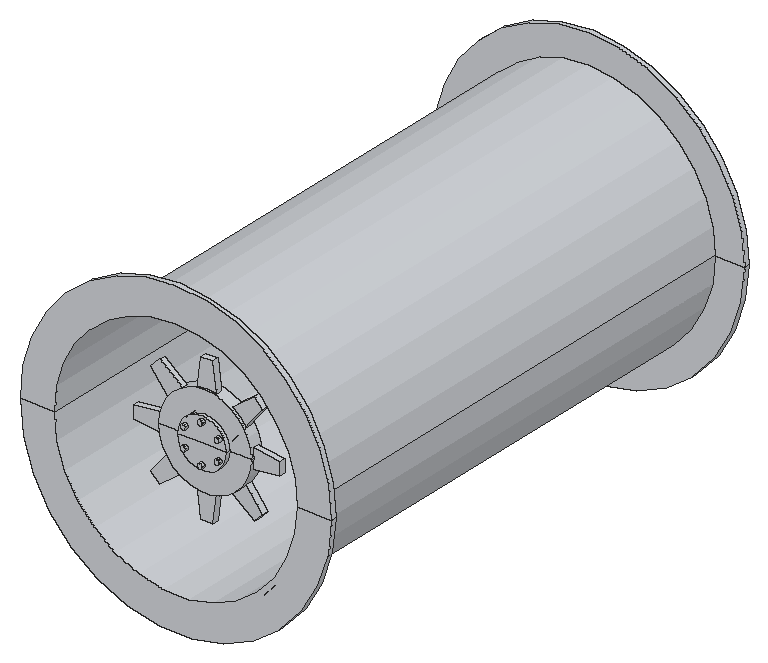
Revit family "CADS_Vent-Axia_MechEquip_Fan_BIFA_250_3Ph2P - EXTRACT", category Mechanical Equipment, Revit 2020
Family settings
  Round Connector Dimension = Use Diameter
  Part Type = Normal
  OmniClass Number = 23.75.00.00
  OmniClass Title = Climate Control (HVAC)
  Work Plane-Based = No
  Always vertical = Yes
  Cut with Voids When Loaded = No
  Shared = No
  Room Calculation Point = No
Parameters (values of type "BIFA253445")
  WorkingPressure = 0.0 Pa
  WarrantyStartDate [instance] = "1900-12-31T23:59:59"
  WarrantyPeriod = ""
  WarrantyIdentifier = "N/A"
  WarrantyGuarantorParts = "tech@vent-axia.com"
  WarrantyGuarantorLabor = "tech@vent-axia.com"
  WarrantyGuarantor = "Vent-Axia Limited"
  WarrantyEndDate [instance] = "1900-12-31T23:59:59"
  WarrantyContent = ""
  TemperatureRange = ""
  TagNumber [instance] = "N/A"
  SustainabilityPerformance = ""
  Status = "New"
  Size = ""
  Shape = ""
  ServiceLifeType = ""
  ServiceLifeDuration = ""
  SerialNumber [instance] = "N/A"
  ReplacementCost = ""
  RatedVoltage = 0 V
  RatedCurrent = 0 A
  Quantity = 1
  ProductionYear = ""
  PressureCurve = ""
  PowerFactor = ""
  PointOfContact = ""
  NumberOfPoles = 0
  NominalWidth = 250 mm
  NominalLength = 535 mm
  NominalHeight = 250 mm
  NominalFrequencyRange = ""
  NominalDiameter = 250 mm
  ModelReference = "BIF 250MM 3PH 4P 45DEG"
  ModelNumber = "BIFA253445"
  Material = ""
  ManufacturerE-Mail = "tech@vent-axia.com"
  ManufacturerAddress = "Fleming Way\nCrawley \nRH10 9YX"
  IsExtendedWarranty = no
  InsulationStandardClass = ""
  InstallationDate [instance] = "1900-12-31T23:59:59"
  IfcExportType [instance] = ""
  IfcExportAs = "IfcFanType"
  IP_Code = ""
  HasProtectiveEarth = no
  GrossWeight = 0.00 kg
  Grade = ""
  GlobalTradeItemNumber [instance] = "N/A"
  Fitting Type = "Ignore"
  Finish = ""
  Features = ""
  ExteriorInsulation = no
  ExpectedServiceLife = 0
  Exclusions = ""
  DurationUnit = "Year"
  Default Elevation = 0 mm
  Constituents = ""
  ConductorFunction = ""
  Color = ""
  CodePerformance = ""
  Category = ""
  CADS_Usage = 0
  CADS_Index = 0
  AssetType = "FIXED"
  AssetIdentifier [instance] = "N/A"
  AssemblyPlace = "UNKNOWN"
  ArticleNumber [instance] = "N/A"
  AirflowRateRange = 0.0 L/s
  Air Flow [instance] = 0.0 L/s
  AccessibilityPerformance = ""
Types (8, lengths in mm): name | ModelReference | ModelNumber
  BIFA253225 | "BIF 250MM 3PH 2P 25DEG" | "BIFA253225"
  BIFA253230 | "BIF 250MM 3PH 2P 30DEG" | "BIFA253230"
  BIFA253240 | "BIF 250MM 3PH 2P 40DEG" | "BIFA253240"
  BIFA253425 | "BIF 250MM 3PH 4P 25DEG" | "BIFA253425"
  BIFA253430 | "BIF 250MM 3PH 4P 30DEG" | "BIFA253430"
  BIFA253435 | "BIF 250MM 3PH 4P 35DEG" | "BIFA253435"
  BIFA253440 | "BIF 250MM 3PH 4P 40DEG" | "BIFA253440"
  BIFA253445 | "BIF 250MM 3PH 4P 45DEG" | "BIFA253445"
Reference planes
  plane 1 "Center (Front/Back)": y = 0
  plane 2: z = 0
  plane 3 "Center (Left/Right)": x = 0
  plane 4: x = -125
  plane 5: x = 125
  plane 6 "F": y = -267.5
  plane 7 "B": y = 267.5
  plane 8: x = -160
  plane 9: y = 262.5
  plane 10: y = -262.5
  plane 11: x = -130
  plane 12: y = -227.5
Forms (mm)
  Revolve 1, solid
    sketch origin (0, 0, 0) x (1, 0, 0) y (0, 1, 0)
      loop
        line (-160, -267.5) -> (-125, -267.5) -> (-125, 267.5) -> (-160, 267.5) -> (-160, 262.5) -> (-130, 262.5) -> (-130, -262.5) -> (-160, -262.5) -> (-160, -267.5)
      axis (0, 267.5) -> (0, -267.5)
    angle from 0 to 360
Dimensions and locks
  equal spacing: plane 4, plane 3 "Center (Left/Right)", plane 5
  equal spacing: plane 7 "B", plane 1 "Center (Front/Back)", plane 6 "F"
  "NominalLength": plane 7 "B" to plane 6 "F"
  "NominalDiameter": plane 4 to plane 5
  locked: plane 11 to plane 4 at 5
  locked: plane 8 to plane 11 at 30
  locked: plane 6 "F" to plane 10 at 5
  locked: plane 7 "B" to plane 9 at 5
  locked: plane 6 "F" to plane 12 at 40
  aligned and locked: level to plane 2
  aligned and locked: nested 1 to plane 12
Automatic sketch dimensions
  plane 6 "F" to Revolve 1 sketch curve = 0 mm
  Revolve 1 sketch curve to plane 8 = 0 mm  (x2)
  plane 10 to Revolve 1 sketch curve = 0 mm
  Revolve 1 sketch curve to plane 11 = 0 mm
  Revolve 1 sketch curve to plane 4 = 0 mm
  Revolve 1 sketch curve to plane 3 "Center (Left/Right)" = 0 mm
  plane 1 "Center (Front/Back)" to Revolve 1 sketch curve = 0 mm
  Revolve 1 sketch curve to plane 9 = 0 mm
  Revolve 1 sketch curve to plane 7 "B" = 0 mm
  plane 6 "F" to Revolve 1 sketch curve = 115 mm
Nested families
  nested 1: "Fan for BIFA" at (0, -227.5, 0), ND <- "NominalDiameter", type "Fan for BIFA"
    with hub 25 mm, ND 250 mm, BoltPCD 20 mm, Bolt Count 6, B_Diam 5 mm
  nested 2: "Bolts" at (17.321, -236.672, -10) x (-0.5, 0, -0.866) z (0, 1, 0), type "Bolts"
    with bd 5 mm
  nested 3: "Bolts" at (0, -236.672, -20) x (-1, 0, 0) z (0, 1, 0), type "Bolts"
    with bd 5 mm
  nested 4: "Bolts" at (-17.321, -236.672, -10) x (-0.5, 0, 0.866) z (0, 1, 0), type "Bolts"
    with bd 5 mm
  nested 5: "Bolts" at (-17.321, -236.672, 10) x (0.5, 0, 0.866) z (0, 1, 0), type "Bolts"
    with bd 5 mm
  nested 6: "Bolts" at (17.321, -236.672, 10) x (0.5, 0, -0.866) z (0, 1, 0), type "Bolts"
    with bd 5 mm
  nested 7: "Bolts" at (0, -236.672, 20) x (1, 0, 0) z (0, 1, 0), type "Bolts"
    with bd 5 mm
  nested 8: "BIFA Blade" at (0, -227.5, 12.5), type "BIFA Blade"
    with a 20.00°, HR 12.5 mm, HD 25 mm, BT 12.5 mm, BR 50 mm, BH 40 mm, BD 125 mm, BB 25 mm
  nested 9: "BIFA Blade" at (8.839, -227.5, 8.839) x (0.7071, 0, -0.7071) z (0.7071, 0, 0.7071), type "BIFA Blade"
    with a 20.00°, HR 12.5 mm, HD 25 mm, BT 12.5 mm, BR 50 mm, BH 40 mm, BD 125 mm, BB 25 mm
  nested 10: "BIFA Blade" at (12.5, -227.5, 0) x (0, 0, -1) z (1, 0, 0), type "BIFA Blade"
    with a 20.00°, HR 12.5 mm, HD 25 mm, BT 12.5 mm, BR 50 mm, BH 40 mm, BD 125 mm, BB 25 mm
  nested 11: "BIFA Blade" at (8.839, -227.5, -8.839) x (-0.7071, 0, -0.7071) z (0.7071, 0, -0.7071), type "BIFA Blade"
    with a 20.00°, HR 12.5 mm, HD 25 mm, BT 12.5 mm, BR 50 mm, BH 40 mm, BD 125 mm, BB 25 mm
  nested 12: "BIFA Blade" at (0, -227.5, -12.5) x (-1, 0, 0) z (0, 0, -1), type "BIFA Blade"
    with a 20.00°, HR 12.5 mm, HD 25 mm, BT 12.5 mm, BR 50 mm, BH 40 mm, BD 125 mm, BB 25 mm
  nested 13: "BIFA Blade" at (-8.839, -227.5, 8.839) x (-0.7071, 0, -0.7071) z (-0.7071, 0, 0.7071), type "BIFA Blade"
    with a 20.00°, HR 12.5 mm, HD 25 mm, BT 12.5 mm, BR 50 mm, BH 40 mm, BD 125 mm, BB 25 mm
  nested 14: "BIFA Blade" at (-12.5, -227.5, 0) x (0, 0, -1) z (-1, 0, 0), type "BIFA Blade"
    with a 20.00°, HR 12.5 mm, HD 25 mm, BT 12.5 mm, BR 50 mm, BH 40 mm, BD 125 mm, BB 25 mm
  nested 15: "BIFA Blade" at (-8.839, -227.5, -8.839) x (0.7071, 0, -0.7071) z (-0.7071, 0, -0.7071), type "BIFA Blade"
    with a 20.00°, HR 12.5 mm, HD 25 mm, BT 12.5 mm, BR 50 mm, BH 40 mm, BD 125 mm, BB 25 mm
Connectors
  hvac at (0, -267.5, 0), driven by "NominalDiameter", driven by "Air Flow"
    settings: on Revolve 1, index 1, duct flow 0.0 L/s, flow factor 0, pres drop 0.0 Pa, loss coef 0, conn angle 0.00°, conn width 304.8 mm, conn height 304.8 mm, conn diameter 250 mm, duct sys type 2, conn prof type 0, flow config 0, flow direction 1, loss method 0, conn ref index -1, conn util no, is conn primary yes, conn desc ""
  hvac at (0, 267.5, 0), driven by "NominalDiameter", driven by "Air Flow"
    settings: on Revolve 1, index 2, duct flow 0.0 L/s, flow factor 0, pres drop 0.0 Pa, loss coef 0, conn angle 0.00°, conn width 304.8 mm, conn height 304.8 mm, conn diameter 250 mm, duct sys type 3, conn prof type 0, flow config 1, flow direction 2, loss method 0, conn ref index -1, conn util no, is conn primary no, conn desc ""
Definition of nested family "Fan for BIFA"
  Parameters (values of type "Fan for BIFA")
    hub [instance] = ND / 10  # 50 mm
    ND [instance] = 500 mm
    Model = "."
    Default Elevation = 0 mm
    BoltPCD [instance] = hub - (hub * 0.2)  # 40 mm
    Bolt Count [instance] = if(hub < 50 mm, 6, 8)  # 8
    B_Diam [instance] = if(hub < 50 mm, 5 mm, 10 mm)  # 10 mm
  Reference planes
    plane 1 "Center (Front/Back)": y = 0
    plane 2: z = 0
    plane 3 "Center (Left/Right)": x = 0
    plane 4 "back": y = 20
    plane 5 "bolts": y = -9.172
    plane 6 "B": z = 50
    plane 7: x = -72.587
    plane 8: x = -50
    plane 9 "hubface": y = -6.172
  Forms (mm)
    Revolve 1, solid
      sketch origin (0, 0, 0) x (1, 0, 0) y (0, 1, 0)
        loop
          line (0, 20) -> (-50, 20) -> (-50, 10.504) -> (-72.587, 10.504) -> (-72.587, -2.597) -> (-50, -2.597) -> (-50, -6.172) -> (0, -6.172) -> (0, 20)
        axis (0, 20) -> (0, -6.172)
      angle from 0 to 360
    Extrusion 2, solid, not visible
      sketch origin (0, -6.347, -4) x (-1, 0, 0) y (0, 0, 1)
        loop
          circle (0, 84) r 5
      from 0 to 3
  Lines and regions (mm)
    symbolic lines
      curve 1: circle (0, -9.172, 0) r 40 normal (0, 1, 0)
    model lines, not visible
      curve 2: line (0, -6.347, 85) -> (0, -6.347, 75)
  Dimensions and locks
    "hub": plane 6 "B" to plane 2
    "hub": nested 3 to plane 3 "Center (Left/Right)"
    "hub": nested 4 to plane 3 "Center (Left/Right)"
    "hub": nested 5 to plane 3 "Center (Left/Right)"
    "hub": plane 3 "Center (Left/Right)" to nested 6
    "hub": Revolve 1 sketch curve to Revolve 1 sketch curve
    "hub": plane 3 "Center (Left/Right)" to nested 7
    "hub": plane 3 "Center (Left/Right)" to nested 8
    "hub": plane 3 "Center (Left/Right)" to nested 9
    "hub": plane 8 to plane 3 "Center (Left/Right)"
    plane 7 to plane 8 = 22.587 mm
    diameter of Extrusion 2 sketch curve = 10 mm
    "BoltPCD": radius of curve 1
    "BoltPCD": radius of radial array
    aligned and locked: level to plane 2
    aligned and locked: plane 6 "B" to nested 1
  Automatic sketch dimensions
    Revolve 1 sketch curve to plane 7 = 0 mm
    Revolve 1 sketch curve to plane 8 = 0 mm  (x2)
    Revolve 1 sketch curve to plane 3 "Center (Left/Right)" = 0 mm
    Revolve 1 sketch curve to plane 9 "hubface" = 0 mm
    plane 4 "back" to Revolve 1 sketch curve = 0 mm
    plane 1 "Center (Front/Back)" to Revolve 1 sketch curve = 2.597 mm
    plane 4 "back" to Revolve 1 sketch curve = 9.496 mm
    plane 4 "back" to Revolve 1 sketch curve = 5 mm
    Revolve 1 sketch curve to Revolve 1 sketch curve = 45 mm
    curve 1 to level = 0 mm
    curve 1 to plane 3 "Center (Left/Right)" = 0 mm
  Nested families
    nested 1: "BIFA Blade" at (0, 0, 25), BD <- "ND", HD <- "hub", type "BIFA Blade"
      with a 20.00°, HR 25 mm, HD 50 mm, BT 25 mm, BR 100 mm, BH 40 mm, BD 250 mm, BB 50 mm
    nested 2: "BIFA Blade" at (0, 0, 55), BD <- "ND", HD <- "hub", type "BIFA Blade", not visible
      with a 20.00°, HR 25 mm, HD 50 mm, BT 25 mm, BR 100 mm, BH 40 mm, BD 250 mm, BB 50 mm
    nested 3: "BIFA Blade" at (17.678, 0, 17.678) x (0.7071, 0, -0.7071) z (0.7071, 0, 0.7071), BD <- "ND", HD <- "hub", type "BIFA Blade"
      with a 20.00°, HR 25 mm, HD 50 mm, BT 25 mm, BR 100 mm, BH 40 mm, BD 250 mm, BB 50 mm
    nested 4: "BIFA Blade" at (25, 0, 0) x (0, 0, -1) z (1, 0, 0), BD <- "ND", HD <- "hub", type "BIFA Blade"
      with a 20.00°, HR 25 mm, HD 50 mm, BT 25 mm, BR 100 mm, BH 40 mm, BD 250 mm, BB 50 mm
    nested 5: "BIFA Blade" at (17.678, 0, -17.678) x (-0.7071, 0, -0.7071) z (0.7071, 0, -0.7071), BD <- "ND", HD <- "hub", type "BIFA Blade"
      with a 20.00°, HR 25 mm, HD 50 mm, BT 25 mm, BR 100 mm, BH 40 mm, BD 250 mm, BB 50 mm
    nested 6: "BIFA Blade" at (0, 0, -25) x (-1, 0, 0) z (0, 0, -1), BD <- "ND", HD <- "hub", type "BIFA Blade"
      with a 20.00°, HR 25 mm, HD 50 mm, BT 25 mm, BR 100 mm, BH 40 mm, BD 250 mm, BB 50 mm
    nested 7: "BIFA Blade" at (-17.678, 0, 17.678) x (-0.7071, 0, -0.7071) z (-0.7071, 0, 0.7071), BD <- "ND", HD <- "hub", type "BIFA Blade"
      with a 20.00°, HR 25 mm, HD 50 mm, BT 25 mm, BR 100 mm, BH 40 mm, BD 250 mm, BB 50 mm
    nested 8: "BIFA Blade" at (-25, 0, 0) x (0, 0, -1) z (-1, 0, 0), BD <- "ND", HD <- "hub", type "BIFA Blade"
      with a 20.00°, HR 25 mm, HD 50 mm, BT 25 mm, BR 100 mm, BH 40 mm, BD 250 mm, BB 50 mm
    nested 9: "BIFA Blade" at (-17.678, 0, -17.678) x (0.7071, 0, -0.7071) z (-0.7071, 0, -0.7071), BD <- "ND", HD <- "hub", type "BIFA Blade"
      with a 20.00°, HR 25 mm, HD 50 mm, BT 25 mm, BR 100 mm, BH 40 mm, BD 250 mm, BB 50 mm
    nested 10: "Bolts" at (0, -9.172, 40) x (1, 0, 0) z (0, 1, 0), bd <- "B_Diam", type "Bolts"
      with bd 10 mm
    nested 11: "Bolts" at (28.284, -9.172, 28.284) x (0.7071, 0, -0.7071) z (0, 1, 0), bd <- "B_Diam", type "Bolts"
      with bd 10 mm
    nested 12: "Bolts" at (-28.284, -9.172, 28.284) x (0.7071, 0, 0.7071) z (0, 1, 0), bd <- "B_Diam", type "Bolts"
      with bd 10 mm
    nested 13: "Bolts" at (-40, -9.172, 0) x (0, 0, 1) z (0, 1, 0), bd <- "B_Diam", type "Bolts"
      with bd 10 mm
    nested 14: "Bolts" at (-28.284, -9.172, -28.284) x (-0.7071, 0, 0.7071) z (0, 1, 0), bd <- "B_Diam", type "Bolts"
      with bd 10 mm
    nested 15: "Bolts" at (0, -9.172, -40) x (-1, 0, 0) z (0, 1, 0), bd <- "B_Diam", type "Bolts"
      with bd 10 mm
    nested 16: "Bolts" at (28.284, -9.172, -28.284) x (-0.7071, 0, -0.7071) z (0, 1, 0), bd <- "B_Diam", type "Bolts"
      with bd 10 mm
    nested 17: "Bolts" at (40, -9.172, 0) x (0, 0, -1) z (0, 1, 0), bd <- "B_Diam", type "Bolts"
      with bd 10 mm
  Definition of nested family "BIFA Blade"
    Parameters (values of type "BIFA Blade")
      a [instance] = 20.00°
      HR [instance] = HD / 2  # 30 mm
      HD [instance] = BD / 5  # 60 mm
      Default Elevation = 1219.2 mm
      BT [instance] = BD / 10  # 30 mm
      BR [instance] = (BD / 2) - HR  # 120 mm
      BH [instance] = 40 mm
      BD [instance] = 300 mm
      BB [instance] = BD / 5  # 60 mm
    Reference planes
      plane 1 "Center (Front/Back)": y = 0
      plane 2: z = 0
      plane 3 "Center (Left/Right)": x = 0
      plane 4 "Blade Bot": z = 30
      plane 5: x = -30
      plane 6: x = 30
      plane 7: x = -15
      plane 8: x = 15
    Forms (mm)
      Blend 1, solid
        base sketch origin (0, 0, 30) x (-1, 0, 0) y (0, -1, 0)
          loop
            line (30, 0) -> (-30, 0) -> (-30, -6) -> (30, -6) -> (30, 0)
        top sketch origin (0, 0, 30) x (-1, 0, 0) y (0, -1, 0)
          loop
            line (15, -6) -> (15, 0) -> (-15, 0) -> (-15, -6) -> (15, -6)
        from 0 to 120 <- "BR"
    Dimensions and locks
      "HR": plane 4 "Blade Bot" to level
      equal spacing: plane 8, plane 3 "Center (Left/Right)", plane 7
      "BT": plane 8 to plane 7
      equal spacing: plane 6, plane 3 "Center (Left/Right)", plane 5
      "BB": plane 6 to plane 5
      aligned and locked: level to plane 2
    Automatic sketch dimensions
      plane 1 "Center (Front/Back)" to Blend 1 sketch curve = 0 mm  (x2)
      Blend 1 sketch curve to plane 6 = 0 mm
      Blend 1 sketch curve to plane 5 = 0 mm
      Blend 1 sketch curve to plane 1 "Center (Front/Back)" = 6 mm  (x2)
      Blend 1 sketch curve to plane 8 = 0 mm
      Blend 1 sketch curve to plane 7 = 0 mm
  Definition of nested family "Bolts"
    Parameters
      bd [instance] = 10 mm
      Default Elevation = 1219.2 mm
    Reference planes
      plane 1 "Center (Front/Back)": y = 0
      plane 2: z = 0
      plane 3 "Center (Left/Right)": x = 0
    Forms (mm)
      Extrusion 1, solid
        sketch origin (0, 0, 0) x (1, 0, 0) y (0, 1, 0)
          loop
            line (-1219.2, 1219.2) -> (-1219.2, -1219.2) -> (1219.2, -1219.2) -> (1219.2, 1219.2) -> (-1219.2, 1219.2)
        from 0 to -304.8
      Extrusion 2, solid
        sketch origin (0, 0, 0) x (1, 0, 0) y (0, 1, 0)
          loop
            circle (0, 0) r 5
        from 0 to 3
    Dimensions and locks
      "bd": diameter of Extrusion 2 sketch curve
      aligned and locked: plane 2 to Extrusion 1
      aligned and locked: level to Extrusion 1
    Automatic sketch dimensions
      Extrusion 1 sketch curve to Extrusion 1 sketch curve = 2438.4 mm  (x2)
      plane 1 "Center (Front/Back)" to Extrusion 2 sketch curve = 0 mm
      Extrusion 2 sketch curve to plane 3 "Center (Left/Right)" = 0 mm
Definition of nested family "Bolts"
  Parameters
    bd [instance] = 10 mm
    Default Elevation = 1219.2 mm
  Reference planes
    plane 1 "Center (Front/Back)": y = 0
    plane 2: z = 0
    plane 3 "Center (Left/Right)": x = 0
  Forms (mm)
    Extrusion 1, solid
      sketch origin (0, 0, 0) x (1, 0, 0) y (0, 1, 0)
        loop
          line (-1219.2, 1219.2) -> (-1219.2, -1219.2) -> (1219.2, -1219.2) -> (1219.2, 1219.2) -> (-1219.2, 1219.2)
      from 0 to -304.8
    Extrusion 2, solid
      sketch origin (0, 0, 0) x (1, 0, 0) y (0, 1, 0)
        loop
          circle (0, 0) r 5
      from 0 to 3
  Dimensions and locks
    "bd": diameter of Extrusion 2 sketch curve
    aligned and locked: plane 2 to Extrusion 1
    aligned and locked: level to Extrusion 1
  Automatic sketch dimensions
    Extrusion 1 sketch curve to Extrusion 1 sketch curve = 2438.4 mm  (x2)
    plane 1 "Center (Front/Back)" to Extrusion 2 sketch curve = 0 mm
    Extrusion 2 sketch curve to plane 3 "Center (Left/Right)" = 0 mm
Definition of nested family "BIFA Blade"
  Parameters (values of type "BIFA Blade")
    a [instance] = 20.00°
    HR [instance] = HD / 2  # 30 mm
    HD [instance] = BD / 5  # 60 mm
    Default Elevation = 1219.2 mm
    BT [instance] = BD / 10  # 30 mm
    BR [instance] = (BD / 2) - HR  # 120 mm
    BH [instance] = 40 mm
    BD [instance] = 300 mm
    BB [instance] = BD / 5  # 60 mm
  Reference planes
    plane 1 "Center (Front/Back)": y = 0
    plane 2: z = 0
    plane 3 "Center (Left/Right)": x = 0
    plane 4 "Blade Bot": z = 30
    plane 5: x = -30
    plane 6: x = 30
    plane 7: x = -15
    plane 8: x = 15
  Forms (mm)
    Blend 1, solid
      base sketch origin (0, 0, 30) x (-1, 0, 0) y (0, -1, 0)
        loop
          line (30, 0) -> (-30, 0) -> (-30, -6) -> (30, -6) -> (30, 0)
      top sketch origin (0, 0, 30) x (-1, 0, 0) y (0, -1, 0)
        loop
          line (15, -6) -> (15, 0) -> (-15, 0) -> (-15, -6) -> (15, -6)
      from 0 to 120 <- "BR"
  Dimensions and locks
    "HR": plane 4 "Blade Bot" to level
    equal spacing: plane 8, plane 3 "Center (Left/Right)", plane 7
    "BT": plane 8 to plane 7
    equal spacing: plane 6, plane 3 "Center (Left/Right)", plane 5
    "BB": plane 6 to plane 5
    aligned and locked: level to plane 2
  Automatic sketch dimensions
    plane 1 "Center (Front/Back)" to Blend 1 sketch curve = 0 mm  (x2)
    Blend 1 sketch curve to plane 6 = 0 mm
    Blend 1 sketch curve to plane 5 = 0 mm
    Blend 1 sketch curve to plane 1 "Center (Front/Back)" = 6 mm  (x2)
    Blend 1 sketch curve to plane 8 = 0 mm
    Blend 1 sketch curve to plane 7 = 0 mm
